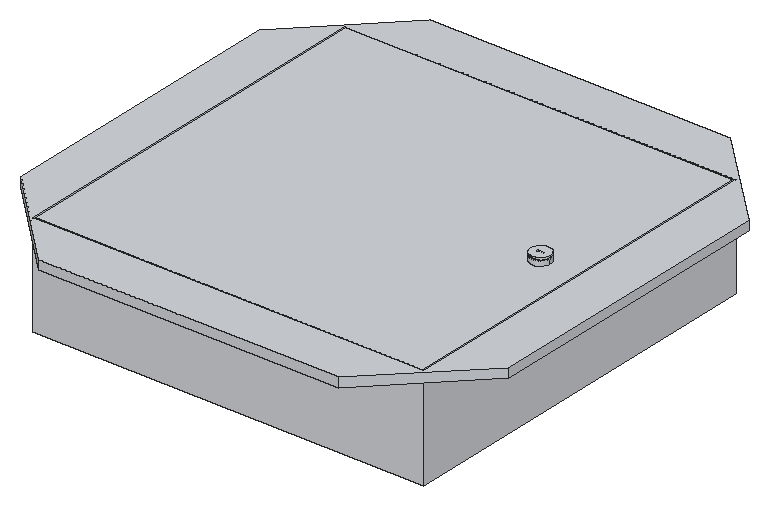
Revit family "MPFR-DW", category Generic Models, host Face, Revit 2018
Family settings
  Host = Face
  Can host rebar = No
  Round Connector Dimension = Use Diameter
  Part Type = Normal
  Cut with Voids When Loaded = No
  Shared = No
  Room Calculation Point = No
Parameters (values of type "MFRU-10” x 10”")
  Width = 0' - 10"
  URL = "WWW.MIFAB.COM"
  Model = "MPFR-DW"
  Material = none
  Manufacturer = "MIFAB"
  Height = 0' - 10"
  Description = "INSULATED FIRE RATED ACCESS DOOR W/ DRYWALL BEAD FRAME"
  Default Elevation = 4' - 0"
Types (19): name | Width | Height
  (no name) | 0' - 10" | 0' - 10"
  MFRU-12” x 12” | 1' - 0" | 1' - 0"
  MFRU-8” x 8” | 0' - 8" | 0' - 8"
  MFRU-10” x 10” | 0' - 10" | 0' - 10"
  MFRU-12” x 18” | 1' - 0" | 1' - 6"
  MFRU-12” x 24” | 1' - 0" | 2' - 0"
  MFRU-14” x 14” | 1' - 2" | 1' - 2"
  MFRU-16” x 16” | 1' - 4" | 1' - 4"
  MFRU-18” x 18” | 1' - 6" | 1' - 6"
  MFRU-20” x 20” | 1' - 8" | 1' - 8"
  MFRU-22” x 22” | 1' - 10" | 1' - 10"
  MFRU-22” x 30” | 1' - 10" | 2' - 6"
  MFRU-24” x 24” | 2' - 0" | 2' - 0"
  MFRU-24” x 36” | 2' - 0" | 3' - 0"
  MFRU-24” x 48” | 2' - 0" | 4' - 0"
  MFRU-30” x 30” | 2' - 6" | 2' - 6"
  MFRU-32” x 32” | 2' - 8" | 2' - 8"
  MFRU-36” x 36” | 3' - 0" | 3' - 0"
  MFRU-36” x 48” | 3' - 0" | 4' - 0"
Reference planes (in)
  plane 1 "Center (Front/Back)": y = 0
  plane 2: z = 0
  plane 3 "Center (Left/Right)": x = 0
  plane 4: x = -5
  plane 5: x = 5
  plane 6: y = 5
  plane 7: y = -5
  plane 8: x = -6.25
  plane 9: x = 6.25
  plane 10: y = -6.25
  plane 11: y = 6.25
  plane 12: z = -3.76378
  plane 13: z = 0.23622
  plane 14: z = 0.10148
  plane 15: z = -2.38878
  plane 16: y = 4.95605
  plane 17: y = -4.96063
  plane 18: x = -4.96063
  plane 19: x = 4.96063
  plane 20: z = -1.76378
  plane 21: y = 3.84034
  plane 22: x = -3.84034
Forms (in)
  Extrusion 1, solid, material <- "Material"
    sketch origin (0, 0, 0) x (1, 0, 0) y (0, 1, 0)
      loop
        line (-5, 5) -> (-5, -5) -> (5, -5) -> (5, 5) -> (-5, 5)
      loop
        line (4.96063, 4.95605) -> (-4.96063, 4.95605) -> (-4.96063, -4.96063) -> (4.96063, -4.96063) -> (4.96063, 4.95605)
    from -2.38878 to 0
  Extrusion 2, void
    sketch origin (0, 0, 0) x (1, 0, 0) y (0, 1, 0)
      loop
        line (-5.25, 4.84034) -> (-5.25, -4.84034) -> (-4.84034, -5.25) -> (4.84034, -5.25) -> (5.25, -4.84034) -> (5.25, 4.84034) -> (4.84034, 5.25) -> (-4.84034, 5.25) -> (-5.25, 4.84034)
    from -2.38878 to 0.23622
  Extrusion 3, solid, material <- "Material"
    sketch origin (0, 0, 0) x (1, 0, 0) y (0, 1, 0)
      loop
        line (-4.96063, 4.95605) -> (-4.96063, -4.96063) -> (4.96063, -4.96063) -> (4.96063, 4.95605) -> (-4.96063, 4.95605)
    from -1.76378 to 0.23622
  Extrusion 4, solid, material <- "Material"
    sketch origin (0, 0, 0) x (1, 0, 0) y (0, 1, 0)
      loop
        line (-5, 5) -> (-5, -5) -> (5, -5) -> (5, 5) -> (-5, 5)
      loop
        line (6.25, 3.84034) -> (3.84034, 6.25) -> (-3.84034, 6.25) -> (-6.25, 3.84034) -> (-6.25, -3.84034) -> (-3.84034, -6.25) -> (3.84034, -6.25) -> (6.25, -3.84034) -> (6.25, 3.84034)
    from 0 to 0.23622
Dimensions and locks (in)
  equal spacing: plane 7, plane 1 "Center (Front/Back)", plane 6
  locked: plane 11 to plane 6 at 1.25
  locked: plane 7 to plane 10 at 1.25
  "Height": plane 7 to plane 6
  equal spacing: plane 4, plane 3 "Center (Left/Right)", plane 5
  "Width": plane 4 to plane 5
  locked: plane 8 to plane 4 at 1.25
  locked: plane 5 to plane 9 at 1.25
  locked: plane 7 to Extrusion 1 sketch curve at 0.03937
  locked: plane 6 to Extrusion 1 sketch curve at 0.04395
  locked: Extrusion 1 sketch curve to plane 5 at 0.03937
  locked: plane 4 to Extrusion 1 sketch curve at 0.03937
  locked: plane 13 to plane 2 at 0.23622
  locked: plane 13 to plane 14 at 0.13474
  locked: plane 13 to plane 15 at 2.625
  locked: plane 6 to plane 16 at 0.04395
  locked: plane 7 to plane 17 at 0.03937
  locked: plane 4 to plane 18 at 0.03937
  locked: plane 19 to plane 5 at 0.03937
  locked: Extrusion 4 to plane 20 at 2
  locked: Extrusion 2 sketch curve to plane 4 at 0.25
  locked: Extrusion 2 sketch curve to plane 6 at 0.25
  locked: Extrusion 2 sketch curve to plane 7 at 0.25
  locked: plane 5 to Extrusion 2 sketch curve at 0.25
  locked: Extrusion 4 to plane 15 at 2.625
  locked: plane 21 to plane 11 at 2.40966
  locked: plane 8 to plane 22 at 2.40966
  locked: nested 1 to plane 5 at 1
  aligned and locked: plane 2 to host face
  aligned and locked: level to host face
  aligned and locked: Extrusion 1 sketch curve to plane 4
  aligned and locked: Extrusion 1 sketch curve to plane 6
  aligned and locked: plane 5 to Extrusion 1 sketch curve
  aligned and locked: plane 7 to Extrusion 1 sketch curve
  aligned and locked: Extrusion 4 sketch curve to plane 4
  aligned and locked: plane 5 to Extrusion 4 sketch curve
  aligned and locked: plane 7 to Extrusion 4 sketch curve
  aligned and locked: Extrusion 4 sketch curve to plane 6
  aligned and locked: plane 9 to Extrusion 4 sketch curve
  aligned and locked: Extrusion 4 sketch curve to plane 8
  aligned and locked: Extrusion 4 sketch curve to plane 10
  aligned and locked: Extrusion 4 to plane 2
  aligned and locked: plane 13 to Extrusion 4
  aligned and locked: level to Extrusion 1
  aligned and locked: Extrusion 1 to plane 15
  aligned and locked: plane 19 to Extrusion 3 sketch curve
  aligned and locked: Extrusion 3 sketch curve to plane 16
  aligned and locked: Extrusion 3 sketch curve to plane 18
  aligned and locked: plane 17 to Extrusion 3 sketch curve
  aligned and locked: Extrusion 2 to Extrusion 1
  aligned and locked: plane 13 to Extrusion 2
  aligned and locked: Extrusion 3 to plane 20
  aligned and locked: plane 13 to Extrusion 3
  aligned and locked: plane 21 to Extrusion 4 sketch curve
  aligned and locked: plane 22 to Extrusion 4 sketch curve
  aligned and locked: plane 11 to Extrusion 4 sketch curve
  aligned and locked: Extrusion 4 to Extrusion 2 sketch curve  (x4)
  aligned and locked: plane 1 "Center (Front/Back)" to nested 1
Automatic sketch dimensions
  host sketch curve to host sketch curve = 4' - 4.54657"
  host sketch curve to host sketch curve = 5' - 6.47963"
  plane 4 to Extrusion 4 sketch curve = 0' - 1.15966"
  Extrusion 4 sketch curve to plane 7 = 0' - 1.15966"  (x2)
  plane 5 to Extrusion 4 sketch curve = 0' - 1.15966"  (x2)
  Extrusion 4 sketch curve to plane 6 = 0' - 1.15966"
Nested families (in)
  nested 1: "Handle-1" at (4, 0, 0.23622), type "Handle-1"
Definition of nested family "Handle-1"
  Parameters (values of type "Handle-1")
    Material = none
    Default Elevation = 4' - 0"
  Reference planes (in)
    plane 1 "Center (Front/Back)": y = 0
    plane 2: z = 0
    plane 3 "Center (Left/Right)": x = 0
    plane 4: z = 0.46152
  Forms (in)
    Extrusion 1, solid
      sketch origin (0, 0, 0) x (1, 0, 0) y (0, 1, 0)
        loop
          line (-48, 48) -> (-48, -48) -> (48, -48) -> (48, 48) -> (-48, 48)
      from 0 to -12
    Revolve 2, solid
      sketch origin (0, 0, 0) x (1, 0, 0) y (0, 0, 1)
        loop
          line (0, 0) -> (0.25, 0) -> (0.25, 0.12907)
          arc (0.25, 0.12907) -> (0.24341, 0.14499) -> (0.22749, 0.15158) r 0.02251
          line (0.22749, 0.15158) -> (0, 0.15158) -> (0, 0)
        axis (0, 0) -> (0, 0.15158)
      angle from 0 to 360
    Extrusion 3, solid
      sketch origin (-3.78692, 0, -0.49918) x (1, 0, 0) y (0, 1, 0)
        loop
          circle (3.78692, 0) r 0.25
        loop
          line (3.70895, 0.01538) -> (3.70895, -0.01537) -> (3.86488, -0.01537) -> (3.86488, 0.01538) -> (3.70895, 0.01538)
      from 0.64964 to 0.6877
  Dimensions and locks (in)
    aligned and locked: plane 2 to Extrusion 1
    aligned and locked: level to Extrusion 1
